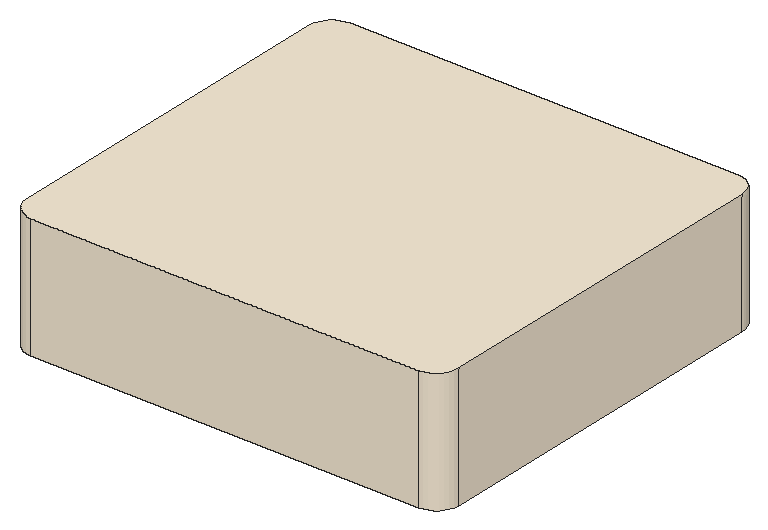
Revit family "HVAC_Other_Airzone_Main-Control-Board1", category Mechanical Equipment, host Face, Revit 2016
Family settings
  Host = Face
  Part Type = Normal
  Round Connector Dimension = Use Diameter
  OmniClass Number = 23.85.80.11.24
  OmniClass Title = Environmental Controls
  Cut with Voids When Loaded = No
  Shared = No
  Room Calculation Point = No
Parameters (values of type "Generic")
  Voltage = 230 V
  URL = "www.airzone.es"
  Type Image Comments = "Image available in product documentation download"  # constant formula
  Revit Model Version = "1.0"  # constant formula
  Protection Class = "IP 20"
  Product Documentation Download URL = "http://doc.airzone.es/BIM/Systems/Airzone_systems.zip"
  Product Comments = "Refer to technical documentation for further details"  # constant formula
  Product Code = "AZXX6MAINBOARD"
  Model = Product Code  # "AZXX6MAINBOARD"
  Manufacturer = "AIRZONE"  # constant formula
  Main Material = Plastic - AIRZONE - Smooth - Off-white
  Long Description = "Electronic board that controls the system through wired and wireless devices. Wall mounted."
  Fixing = "Surface through support"  # constant formula
  Disclaimer = "All information provided in this model is reviewed before being published. However, Airzone cannot guarantee this model is error-free, therefore users are strongly encouraged to check for technical documentation and updates"  # constant formula
  Description = "Main Control Board"
  Default Elevation = 900 mm
  Apparent Load = 25 VA
Reference planes
  plane 1 "Center (Front/Back)": y = 0
  plane 2: z = 0
  plane 3 "Center (Left/Right)": x = 0
Dimensions and locks
  aligned and locked: plane 2 to host face
  aligned and locked: level to host face
  aligned and locked: plane 3 "Center (Left/Right)" to nested 1
  aligned and locked: plane 1 "Center (Front/Back)" to nested 1
Nested families
  nested 1: "Airzone_Main-Control-Board_Geometry" at (0, 0, 0), Main Material <- "Main Material", type "Standard"
    with Main Material Plastic - AIRZONE - Smooth - Off-white, Accessories Material none
Connectors
  electrical at (0, 90, 27.75)
    settings: on nested 1, index 2, voltage 0 V, apparent load 0 VA, apparent load phase1 0 VA, apparent load phase2 0 VA, apparent load phase3 0 VA, power factor 1, load classification "Other", number of poles 1, system type 13, power factor state 1, is connector primary yes, connector utility no, sub classification motor no, connector description "Controls"
  electrical at (0, -90, 27.75), driven by "Apparent Load", driven by "Voltage"
    settings: on nested 1, index 3, voltage 230 V, apparent load 0 VA, apparent load phase1 25 VA, apparent load phase2 0 VA, apparent load phase3 0 VA, power factor 1, load classification "Other", number of poles 1, system type 31, power factor state 1, is connector primary no, connector utility no, sub classification motor no, connector description "Power Supply"
Definition of nested family "Airzone_Main-Control-Board_Geometry"
  Parameters (values of type "Standard")
    URL = "www.airzone.es"
    Type Comments = ""
    Revit Model Version = "1.0"  # constant formula
    Revit Model Author URL = "www.a3d.es"
    Revit Model Author = "A3D Consulting"  # constant formula
    Manufacturer = "AIRZONE"  # constant formula
    Main Material [instance] = none
    Default Elevation = 0 mm
    Accessories Material [instance] = none
  Reference planes
    plane 1 "Center (Front/Back)": y = 0
    plane 2: z = 0
    plane 3 "Center (Left/Right)": x = 0
    plane 4 "Left": x = -97.5
    plane 5 "Right": x = 97.5
    plane 6 "Back": y = 90
    plane 7 "Front": y = -90
  Forms (mm)
    Extrusion 1, solid, material <- "Main Material"
      sketch origin (0, 0, 0) x (1, 0, 0) y (0, 1, 0)
        loop
          arc (-87.5, 90) -> (-94.571, 87.071) -> (-97.5, 80) r 10
          line (-97.5, 80) -> (-97.5, -80)
          arc (-97.5, -80) -> (-94.571, -87.071) -> (-87.5, -90) r 10
          line (-87.5, -90) -> (87.5, -90)
          arc (87.5, -90) -> (94.571, -87.071) -> (97.5, -80) r 10
          line (97.5, -80) -> (97.5, 80)
          arc (97.5, 80) -> (94.571, 87.071) -> (87.5, 90) r 10
          line (87.5, 90) -> (-87.5, 90)
      from 0 to 55.5
  Dimensions and locks
    equal spacing: plane 4 "Left", plane 3 "Center (Left/Right)", plane 5 "Right"
    plane 4 "Left" to plane 5 "Right" = 195 mm
    equal spacing: plane 6 "Back", plane 1 "Center (Front/Back)", plane 7 "Front"
    plane 6 "Back" to plane 7 "Front" = 180 mm
    aligned and locked: level to plane 2
    aligned and locked: Extrusion 1 sketch curve to plane 6 "Back"
    aligned and locked: plane 7 "Front" to Extrusion 1 sketch curve
    aligned and locked: plane 5 "Right" to Extrusion 1 sketch curve
    aligned and locked: Extrusion 1 sketch curve to plane 4 "Left"
  Automatic sketch dimensions
    Extrusion 1 sketch curve to plane 4 "Left" = 10 mm  (x2)
    plane 5 "Right" to Extrusion 1 sketch curve = 10 mm  (x2)
